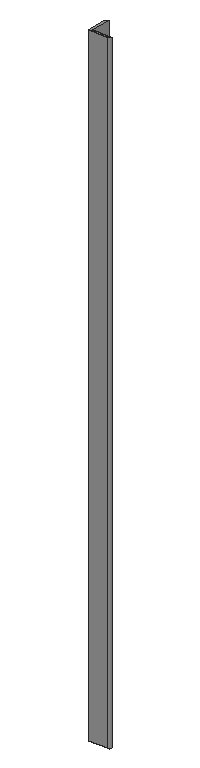
Revit family "AQUA ARETA 30", category Equipement spécialisé, Revit 2017
Family settings
  Hôte = Sol
  Cote de connecteur circulaire = Utiliser le diamètre
  Type d'élément = Normal
  Toujours verticalement = Oui
  Couper avec des vides une fois chargée = Non
  Partagée = Non
  Point de calcul de pièce = Non
Parameters
  ht du sol [instance] = 100 mm
  ht de la protection d'angle [instance] = 1000 mm
  couleur [instance] = CS-France blanche neige 9003
  Modèle = "Aqua Areta"
  Image du type = imag aqua areta.jpg
  Fabricant = "CS-FRANCE"
  Description = "Le modèle Aqua Areta 50 est fabriqué en Acrovyn® Color, Acrovyn® Bois ou Acrovyn® Métal.\r\nPose rapide et simple avec colle en cartouche ou adhésif double face."
  Commentaires du type = "Protection d’angle à coller en Acrovyn® 40 couleurs de largeur 30mm, 50mm ou 75mm."
Reference planes
  plane 1 "Centre (avant/arrière)": y = 0
  plane 2: z = 0
  plane 3 "Centre (gauche/droite)": x = 0
  plane 4: x = 30
  plane 5: y = 30
  plane 6: z = 100
  plane 7: z = 1100
Forms (mm)
  Extrusion 1, solid, material "CS-France blanche neige 9003" <- "couleur"
    sketch origin (0, 0, 0) x (1, 0, 0) y (0, 1, 0)
      loop
        line (-4, 26) -> (-4, -4) -> (26, -4)
        arc (26, -4) -> (28.828, -2.828) -> (30, 0) r 4
        line (30, 0) -> (0, 0) -> (0, 30)
        arc (0, 30) -> (-2.828, 28.828) -> (-4, 26) r 4
    from 100 to 1100
Dimensions and locks
  plane 3 "Centre (gauche/droite)" to plane 4 = 30 mm
  plane 5 to Extrusion 1 = 30 mm
  "ht du sol": plane 6 to plane 2
  "ht de la protection d'angle": plane 7 to plane 6
  aligned and locked: level to plane 2
  aligned and locked: plane 6 to Extrusion 1
  aligned and locked: Extrusion 1 to plane 7
Automatic sketch dimensions
  Extrusion 1 sketch curve to plane 3 "Centre (gauche/droite)" = 0 mm
  plane 1 "Centre (avant/arrière)" to Extrusion 1 sketch curve = 0 mm
  Extrusion 1 sketch curve to plane 4 = 0 mm
  Extrusion 1 sketch curve to plane 5 = 0 mm
  Extrusion 1 sketch curve to plane 3 "Centre (gauche/droite)" = 4 mm
  plane 1 "Centre (avant/arrière)" to Extrusion 1 sketch curve = 4 mm
